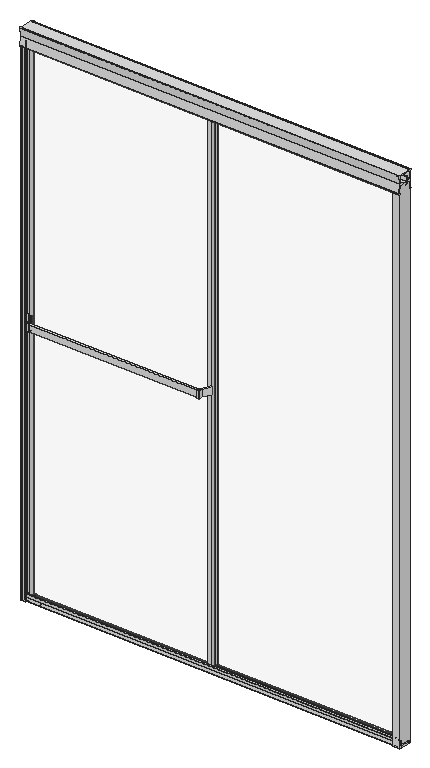
Revit family "Shower-Shower_Door-STERLING-Standard-695B_1", category Specialty Equipment, host Face, Revit 2017
Family settings
  Host = Face
  Round Connector Dimension = Use Diameter
  Part Type = Normal
  OmniClass Number = 23.31.17.17
  OmniClass Title = Shower Enclosures
  Cut with Voids When Loaded = No
  Shared = No
  Room Calculation Point = No
Parameters (values of type "Hammered Glass Texture,S-Silver")
  Width [instance] = 48"
  WaterSense Certified = 1 = 0  # no
  Walk-Through [instance] = Width - 25 7/16"  # 22 9/16"
  URL = "https://www.sterlingplumbing.com/"
  Type = 1
  Product Page URL = "http://www.sterlingplumbing.com/detail?productNumber=695B-48"
  Product Name = "Standard"  # constant formula
  Product Documentation Link = "https://resources.kohler.com/plumbing/sterling/pdf/695B-48_spec_US-CA_Sterling_en.pdf"
  Model = if(Type = 1, "695B-48S-G02", if(Type = 2, "695B-48T-G02", "NA"))  # "695B-48S-G02"
  Material = "Anodized Aluminum "  # constant formula
  Master Format 2014 Name = "Shower Doors"  # constant formula
  Master Format 2014 = "10 28 19.16"  # constant formula
  Manufacturer Address = "444 Highland Dr, Kohler, WI 53044"  # constant formula
  Manufacturer = "STERLING Co."  # constant formula
  Length = 2 29/32"  # constant formula
  Height = 65"  # constant formula
  Glass Material = Sterling-Glass-G02-Hammered_Glass_Texture
  Finish = Sterling-Metal-S-Silver
  Environmental Product Declaration = ""
  Description = "Framed sliding shower door, 65inch H x 42 - 48inch W, with 1/8inch thick Hammered glass"  # constant formula
  Default Elevation = 0"
  Declare Label = ""
  Date Modified = "07/18/2020"  # constant formula
  Date Created = "07/18/2020"  # constant formula
  Copyright = "Copyright STERLING Co."  # constant formula
  Contact Us = "https://www.sterlingplumbing.com/contact-us"
  Assembly Code = "C1030200"
  ADA Compliant = 1 = 0  # no
Types (3): name | Type | Model | Finish
  (no name) | 1 | "695B-48S-G02" | Sterling-Metal-S-Silver
  Hammered Glass Texture,S-Silver | 1 | "695B-48S-G02" | Sterling-Metal-S-Silver
  Hammered Glass Texture,T-Soft Silver | 2 | "695B-48T-G02" | Sterling-Metal-T-Soft_Silver
Reference planes (in)
  plane 1 "Center (Front/Back)": y = 0
  plane 2: z = 0
  plane 3 "Center (Left/Right)": x = 0
  plane 4: x = -24
  plane 5: x = 24
  plane 6: y = 0.90625
  plane 7: y = -0.90625
  plane 8: y = -2
  plane 9: z = 65
  plane 10: z = 62.875
  plane 11: z = 0.9375
  plane 12: y = 0.75
  plane 13: y = -0.75
  plane 14: x = 22.5
  plane 15: x = -0.0625
Dimensions and locks (in)
  "Width": plane 4 to plane 5
  "Height": plane 9 to level
  plane 10 to plane 11 = 61 15/16"
  "Length": plane 6 to plane 8
  plane 8 to plane 12 = 2 3/4"  (x2)
  "Walk-Through": plane 14 to plane 15
  locked: plane 14 to plane 5 at 1.5
  plane 4 to plane 3 "Center (Left/Right)" to plane 5 = 24", 24"
  aligned and locked: plane 2 to host face
  aligned and locked: level to host face
  aligned and locked: plane 5 to nested 1
Automatic sketch dimensions
  host sketch curve to host sketch curve = 96"  (x2)
Nested families (in)
  nested 1: "695B" at (0, 0, 0), Width <- "Width", type "695B"
    with Width 48"
Definition of nested family "695B"
  Parameters (values of type "695B")
    Width [instance] = 42"
    Material = none
    Glass Material = none
  Reference planes (in)
    plane 1 "Center (Front/Back)": y = 0
    plane 2: z = 0
    plane 3 "Center (Left/Right)": x = 0
    plane 4: x = -24
    plane 5: z = 65
    plane 6: y = 0.90625
    plane 7: y = -0.90625
    plane 8: z = 62.875
    plane 9: x = -23.456
    plane 10: x = -0.0625
    plane 11: z = 0.9375
    plane 12: y = -2
    plane 13 "width": y = 0.75
    plane 14 "thick": y = -0.75
    plane 15: y = 0.90625
    plane 16: y = -0.90625
    plane 17: x = 18
  Forms (in)
    Extrusion 1, solid, material <- "Material", detail levels medium+fine
      sketch origin (0, 0, 0) x (0, 1, 0) y (0, 0, 1)
        loop
          arc (-0.85543, 64.96497) -> (-0.86942, 64.97058) -> (-0.87563, 64.98432) r 0.02022
          arc (-0.87563, 64.98432) -> (-0.89315, 65) -> (-0.9084, 64.98211) r 0.01643
          line (-0.9084, 64.98211) -> (-0.81899, 64.00641) -> (-0.90825, 62.93531)
          arc (-0.90825, 62.93531) -> (-0.89374, 62.89298) -> (-0.85276, 62.875) r 0.05568
          line (-0.85276, 62.875) -> (-0.80244, 62.875)
          arc (-0.80244, 62.875) -> (-0.78144, 62.896) -> (-0.80244, 62.917) r 0.021
          line (-0.80244, 62.917) -> (-0.84308, 62.917)
          arc (-0.84308, 62.917) -> (-0.85768, 62.92343) -> (-0.8628, 62.93853) r 0.0198
          line (-0.8628, 62.93853) -> (-0.78297, 63.844) -> (-0.47219, 63.844) -> (-0.38226, 63.8681)
          arc (-0.38226, 63.8681) -> (-0.3509, 63.88905) -> (-0.33877, 63.92477) r 0.05868
          line (-0.33877, 63.92477) -> (-0.33877, 63.98989)
          arc (-0.33877, 63.98989) -> (-0.36377, 64.01489) -> (-0.38877, 63.98989) r 0.025
          line (-0.38877, 63.98989) -> (-0.38877, 63.93926)
          arc (-0.38877, 63.93926) -> (-0.39447, 63.92248) -> (-0.4092, 63.91264) r 0.02756
          line (-0.4092, 63.91264) -> (-0.47877, 63.894) -> (-0.57877, 63.894) -> (-0.66877, 63.91812) -> (-0.66877, 63.95795)
          arc (-0.66877, 63.95795) -> (-0.67456, 63.97192) -> (-0.68852, 63.97771) r 0.01975
          line (-0.68852, 63.97771) -> (-0.74418, 63.97771)
          arc (-0.74418, 63.97771) -> (-0.76099, 63.98422) -> (-0.76901, 64.00037) r 0.02494
          line (-0.76901, 64.00037) -> (-0.85329, 64.91997) -> (0.83123, 64.91997) -> (0.83123, 63.97771) -> (0.78098, 63.97771)
          arc (0.78098, 63.97771) -> (0.76702, 63.97192) -> (0.76123, 63.95795) r 0.01975
          line (0.76123, 63.95795) -> (0.76123, 63.91812) -> (0.67123, 63.894) -> (0.57123, 63.894) -> (0.50165, 63.91264)
          arc (0.50165, 63.91264) -> (0.48692, 63.92248) -> (0.48123, 63.93926) r 0.02756
          line (0.48123, 63.93926) -> (0.48123, 63.98989)
          arc (0.48123, 63.98989) -> (0.45623, 64.01489) -> (0.43123, 63.98989) r 0.025
          line (0.43123, 63.98989) -> (0.43123, 63.92477)
          arc (0.43123, 63.92477) -> (0.44336, 63.88905) -> (0.47472, 63.8681) r 0.05868
          line (0.47472, 63.8681) -> (0.56465, 63.844) -> (0.8102, 63.844)
          arc (0.8102, 63.844) -> (0.82507, 63.83784) -> (0.83123, 63.82297) r 0.02103
          line (0.83123, 63.82297) -> (0.83123, 62.93688)
          arc (0.83123, 62.93688) -> (0.82541, 62.92282) -> (0.81135, 62.917) r 0.01988
          line (0.81135, 62.917) -> (0.75191, 62.917)
          arc (0.75191, 62.917) -> (0.73091, 62.896) -> (0.75191, 62.875) r 0.021
          line (0.75191, 62.875) -> (0.89223, 62.875)
          arc (0.89223, 62.875) -> (0.90584, 62.88719) -> (0.89522, 62.90205) r 0.01369
          arc (0.89522, 62.90205) -> (0.88156, 62.91058) -> (0.87623, 62.92577) r 0.02431
          line (0.87623, 62.92577) -> (0.87623, 64.88601)
          arc (0.87623, 64.88601) -> (0.87528, 64.90495) -> (0.88852, 64.91852) r 0.02371
          arc (0.88852, 64.91852) -> (0.90141, 64.929) -> (0.90625, 64.94488) r 0.02846
          line (0.90625, 64.94488) -> (0.90625, 64.98591)
          arc (0.90625, 64.98591) -> (0.8913, 65.00098) -> (0.87623, 64.98603) r 0.01501
          arc (0.87623, 64.98603) -> (0.87001, 64.97113) -> (0.85509, 64.96497) r 0.02114
          line (0.85509, 64.96497) -> (-0.85543, 64.96497)
      from -23.97 to 18
    Extrusion 2, solid, material <- "Material", detail levels medium+fine
      sketch origin (0, 0, 0) x (1, 0, 0) y (0, 1, 0)
        loop
          line (18, 0.75) -> (17.095, 0.75) -> (17.095, -0.75) -> (18, -0.75) -> (18, 0.75)
        loop
          arc (-23.96, 0.66769) -> (-23.95384, 0.68257) -> (-23.93896, 0.68873) r 0.02104
          line (-23.93896, 0.68873) -> (-23.52032, 0.68873)
          arc (-23.52032, 0.68873) -> (-23.50032, 0.70873) -> (-23.52032, 0.72873) r 0.02
          line (-23.52032, 0.72873) -> (-23.98008, 0.72873)
          arc (-23.98008, 0.72873) -> (-23.99417, 0.72289) -> (-24, 0.70881) r 0.01992
          line (-24, 0.70881) -> (-24, -0.75116)
          arc (-24, -0.75116) -> (-23.99366, -0.76602) -> (-23.97855, -0.77173) r 0.02058
          line (-23.97855, -0.77173) -> (-23.67318, -0.75893)
          arc (-23.67318, -0.75893) -> (-23.65741, -0.7586) -> (-23.64164, -0.75893) r 0.37662
          line (-23.64164, -0.75893) -> (-23.37105, -0.77027)
          arc (-23.37105, -0.77027) -> (-23.34396, -0.74483) -> (-23.36996, -0.71827) r 0.02601
          line (-23.36996, -0.71827) -> (-23.93651, -0.71827)
          arc (-23.93651, -0.71827) -> (-23.95312, -0.71139) -> (-23.96, -0.69478) r 0.02349
          line (-23.96, -0.69478) -> (-23.96, -0.06984)
          arc (-23.96, -0.06984) -> (-23.96744, -0.05478) -> (-23.97, -0.03817) r 0.05516
          line (-23.97, -0.03817) -> (-23.97, -0.0042)
          arc (-23.97, -0.0042) -> (-23.96744, 0.0124) -> (-23.96, 0.02747) r 0.05516
          line (-23.96, 0.02747) -> (-23.96, 0.66769)
      from 0 to 63.844
    Extrusion 3, solid, material <- "Material", detail levels medium+fine
      sketch origin (0, 0, 0) x (0, 1, 0) y (0, 0, 1)
        loop
          line (-0.6609, 0.25697) -> (0.18141, 0.22314) -> (0.20871, 0.20403) -> (0.34195, 0.19867) -> (0.37112, 0.21552) -> (0.60423, 0.20615) -> (0.60423, 0.02245)
          arc (0.60423, 0.02245) -> (0.62673, -0.00005) -> (0.64923, 0.02245) r 0.0225
          line (0.64923, 0.02245) -> (0.64923, 0.2264)
          arc (0.64923, 0.2264) -> (0.64256, 0.24297) -> (0.62626, 0.25031) r 0.02393
          line (0.62626, 0.25031) -> (-0.65748, 0.30187) -> (-0.64418, 0.483) -> (-0.67343, 0.88138)
          arc (-0.67343, 0.88138) -> (-0.63835, 0.92055) -> (-0.60049, 0.88406) r 0.03652
          line (-0.60049, 0.88406) -> (-0.60049, 0.85227)
          arc (-0.60049, 0.85227) -> (-0.57799, 0.82977) -> (-0.55549, 0.85227) r 0.0225
          line (-0.55549, 0.85227) -> (-0.55549, 0.88374)
          arc (-0.55549, 0.88374) -> (-0.63998, 0.9652) -> (-0.71829, 0.87777) r 0.08151
          line (-0.71829, 0.87777) -> (-0.6893, 0.483) -> (-0.72301, 0.02388)
          arc (-0.72301, 0.02388) -> (-0.70228, -0.00015) -> (-0.67825, 0.02059) r 0.02244
          line (-0.67825, 0.02059) -> (-0.6609, 0.25697)
      from -23.456 to 18
    Extrusion 4, solid, material <- "Material", detail levels medium+fine
      sketch origin (0.00093, 0, 0) x (1, 0, 0) y (0, 0, 1)
        loop
          line (-0.06343, 0.56855) -> (-0.06343, 63.53755) -> (-0.63843, 63.53755) -> (-0.63843, 0.56855) -> (-0.06343, 0.56855)
      from 0.09808 to 0.41208
    Extrusion 5, solid, material <- "Material", detail levels medium+fine
      sketch origin (0.5135, 0.60131, 0) x (1, 0, 0) y (0, 0, 1)
        loop
          line (-0.576, 0.56855) -> (-0.576, 63.53755) -> (-1.151, 63.53755) -> (-1.151, 0.56855) -> (-0.576, 0.56855)
      from 0.09808 to 0.41208
    Extrusion 6, solid, material <- "Material", detail levels medium+fine
      sketch origin (0, 0, 0) x (0, 1, 0) y (0, 0, 1)
        loop
          line (-0.28008, 64.45678) -> (-0.28008, 63.63689)
          arc (-0.28008, 63.63689) -> (-0.27538, 63.61327) -> (-0.26201, 63.59325) r 0.06174
          line (-0.26201, 63.59325) -> (-0.20635, 63.53755) -> (-0.13567, 63.53755) -> (-0.23008, 63.63203) -> (-0.23008, 64.45678)
          arc (-0.23008, 64.45678) -> (-0.25508, 64.48178) -> (-0.28008, 64.45678) r 0.025
      from -23.456 to 0
    Extrusion 7, solid, material <- "Material", detail levels medium+fine
      sketch origin (0, 0, 0) x (0, 1, 0) y (0, 0, 1)
        loop
          line (0.32123, 64.457) -> (0.32123, 63.63203) -> (0.22682, 63.53755) -> (0.2975, 63.53755) -> (0.3531, 63.59319)
          arc (0.3531, 63.59319) -> (0.36652, 63.61328) -> (0.37123, 63.63697) r 0.06194
          line (0.37123, 63.63697) -> (0.37123, 64.457)
          arc (0.37123, 64.457) -> (0.34623, 64.482) -> (0.32123, 64.457) r 0.025
      from -23.456 to 18
    Extrusion 8, solid, material <- "Material", detail levels medium+fine
      sketch origin (0, 0, 0) x (1, 0, 0) y (0, 0, 1)
        loop
          line (-23.095, 0.56855) -> (-23.095, 63.53755) -> (-23.456, 63.53755) -> (-23.456, 0.56855) -> (-23.095, 0.56855)
      from 0 to 0.41208
    Extrusion 9, solid, material <- "Glass Material"
      sketch origin (0, 0, 0) x (1, 0, 0) y (0, 0, 1)
        loop
          line (-23.095, 63.53755) -> (-23.095, 0.56855) -> (0.34993, 0.56855) -> (0.34993, 63.53755) -> (-23.095, 63.53755)
      from 0.09808 to 0.41208
    Extrusion 10, solid, material <- "Material", detail levels medium+fine
      sketch origin (0, 0, 0) x (1, 0, 0) y (0, 1, 0)
        loop
          line (-0.42702, -1.59929) -> (-0.02312, -0.55041) -> (-0.17262, -0.55041) -> (-0.50397, -1.57658)
          arc (-0.50397, -1.57658) -> (-0.52556, -1.59817) -> (-0.55506, -1.60608) r 0.059
          line (-0.55506, -1.60608) -> (-0.745, -1.60608)
          arc (-0.745, -1.60608) -> (-0.7839, -1.6254) -> (-0.792, -1.66808) r 0.04881
          line (-0.792, -1.66808) -> (-0.56263, -1.66808)
          arc (-0.56263, -1.66808) -> (-0.54804, -1.67412) -> (-0.542, -1.68871) r 0.02063
          line (-0.542, -1.68871) -> (-0.542, -1.93601)
          arc (-0.542, -1.93601) -> (-0.54788, -1.9502) -> (-0.56206, -1.95608) r 0.02006
          line (-0.56206, -1.95608) -> (-0.79357, -1.95608)
          arc (-0.79357, -1.95608) -> (-0.77774, -1.98739) -> (-0.745, -2) r 0.04881
          line (-0.745, -2) -> (-0.47632, -2)
          arc (-0.47632, -2) -> (-0.44852, -1.98848) -> (-0.437, -1.96068) r 0.03932
          line (-0.437, -1.96068) -> (-0.437, -1.63655)
          arc (-0.437, -1.63655) -> (-0.43446, -1.61727) -> (-0.42702, -1.59929) r 0.07452
        loop
          arc (-22.34298, -1.59929) -> (-22.33554, -1.61727) -> (-22.333, -1.63655) r 0.07452
          line (-22.333, -1.63655) -> (-22.333, -1.96068)
          arc (-22.333, -1.96068) -> (-22.32148, -1.98848) -> (-22.29368, -2) r 0.03932
          line (-22.29368, -2) -> (-22.025, -2)
          arc (-22.025, -2) -> (-21.99226, -1.98739) -> (-21.97643, -1.95608) r 0.04881
          line (-21.97643, -1.95608) -> (-22.20794, -1.95608)
          arc (-22.20794, -1.95608) -> (-22.22212, -1.9502) -> (-22.228, -1.93601) r 0.02006
          line (-22.228, -1.93601) -> (-22.228, -1.68871)
          arc (-22.228, -1.68871) -> (-22.22196, -1.67412) -> (-22.20737, -1.66808) r 0.02063
          line (-22.20737, -1.66808) -> (-21.978, -1.66808)
          arc (-21.978, -1.66808) -> (-21.9861, -1.6254) -> (-22.025, -1.60608) r 0.04881
          line (-22.025, -1.60608) -> (-22.21494, -1.60608)
          arc (-22.21494, -1.60608) -> (-22.24444, -1.59817) -> (-22.26603, -1.57658) r 0.059
          line (-22.26603, -1.57658) -> (-22.9088, -0.46328)
          arc (-22.9088, -0.46328) -> (-22.93141, -0.43981) -> (-22.96237, -0.42964) r 0.06765
          line (-22.96237, -0.42964) -> (-23.33355, -0.40208) -> (-23.67183, -0.42601)
          arc (-23.67183, -0.42601) -> (-23.68806, -0.42027) -> (-23.69493, -0.40448) r 0.02158
          line (-23.69493, -0.40448) -> (-23.69493, -0.05677) -> (-23.734, -0.05677) -> (-23.734, -0.48692)
          arc (-23.734, -0.48692) -> (-23.72757, -0.5017) -> (-23.71238, -0.50707) r 0.0202
          line (-23.71238, -0.50707) -> (-23.33369, -0.48028) -> (-23.0365, -0.50235)
          arc (-23.0365, -0.50235) -> (-22.98193, -0.52028) -> (-22.94207, -0.56164) r 0.11923
          line (-22.94207, -0.56164) -> (-22.34298, -1.59929)
      from 31.62055 to 32.48366
    Extrusion 11, solid, material <- "Material", detail levels medium+fine
      sketch origin (0, 0, 0) x (1, 0, 0) y (0, 1, 0)
        loop
          line (-0.542, -1.66808) -> (-22.228, -1.66808) -> (-22.228, -1.95608) -> (-0.542, -1.95608) -> (-0.542, -1.66808)
      from 31.62055 to 32.48366
    Extrusion 12, solid, material <- "Glass Material"
      sketch origin (0, 0, 0) x (1, 0, 0) y (0, 0, 1)
        loop
          line (-0.0625, 0.483) -> (18, 0.483) -> (18, 63.53755) -> (-0.0625, 63.53755) -> (-0.0625, 0.483)
      from -0.50323 to -0.18923
    Extrusion 13, solid, material <- "Material", detail levels coarse
      sketch origin (0, 0, 0) x (1, 0, 0) y (0, 1, 0)
        loop
          line (-0.437, -2) -> (-0.437, -1.61659) -> (-0.02689, -0.90625) -> (-0.11695, -0.90625) -> (-0.521, -1.60608) -> (-11.385, -1.60608) -> (-22.874, -1.60608) -> (-23.3863, -0.71875) -> (-23.47637, -0.71875) -> (-22.958, -1.61659) -> (-22.958, -2) -> (-0.437, -2)
      from 31.62055 to 32.48366
    Extrusion 14, solid, material <- "Material", detail levels coarse
      sketch origin (0, 0, 0) x (1, 0, 0) y (0, 0, 1)
        loop
          line (-24, 65) -> (-24, 0) -> (18, 0) -> (18, 65) -> (-24, 65)
        loop
          line (-0.0625, 62.875) -> (-0.0625, 0.9375) -> (16.5, 0.9375) -> (16.5, 62.875) -> (-0.0625, 62.875)
        loop
          line (-0.9875, 0.9375) -> (-0.9875, 62.875) -> (-23.095, 62.875) -> (-23.095, 0.9375) -> (-0.9875, 0.9375)
      from -0.87623 to 0.90625
  Cuts and joins
    joined: Extrusion 9, Extrusion 12
    joined: Extrusion 1, Extrusion 8
    joined: Extrusion 2, Extrusion 6
  Lines and regions (in)
    Masking region 1
      outline origin (0, 0, 0) x (1, 0, 0) y (0, 0, 1)
        loop
          line (-24, 65) -> (-24, 0) -> (18, 0) -> (18, 65) -> (-24, 65)
    Masking region 2
      outline origin (0, 0, 0) x (0, 1, 0) y (0, 0, 1)
        loop
          arc (0.87623, 64.88601) -> (0.87528, 64.90495) -> (0.88852, 64.91852) r 0.02371
          arc (0.88852, 64.91852) -> (0.90141, 64.929) -> (0.90625, 64.94488) r 0.02846
          line (0.90625, 64.94488) -> (0.90625, 64.98591)
          arc (0.90625, 64.98591) -> (0.8913, 65.00098) -> (0.87623, 64.98603) r 0.01501
          arc (0.87623, 64.98603) -> (0.87001, 64.97113) -> (0.85509, 64.96497) r 0.02114
          line (0.85509, 64.96497) -> (-0.85543, 64.96497)
          arc (-0.85543, 64.96497) -> (-0.86942, 64.97058) -> (-0.87563, 64.98432) r 0.02022
          arc (-0.87563, 64.98432) -> (-0.89315, 65) -> (-0.9084, 64.98211) r 0.01643
          line (-0.9084, 64.98211) -> (-0.81899, 64.00641) -> (-0.90825, 62.93531)
          arc (-0.90825, 62.93531) -> (-0.89374, 62.89298) -> (-0.85276, 62.875) r 0.05568
          line (-0.85276, 62.875) -> (-0.80244, 62.875)
          arc (-0.80244, 62.875) -> (-0.78144, 62.896) -> (-0.80244, 62.917) r 0.021
          line (-0.80244, 62.917) -> (-0.84308, 62.917)
          arc (-0.84308, 62.917) -> (-0.85768, 62.92343) -> (-0.8628, 62.93853) r 0.0198
          line (-0.8628, 62.93853) -> (-0.78297, 63.844) -> (-0.75, 63.844) -> (-0.75, 32.48366) -> (-2, 32.48366) -> (-2, 31.62055) -> (-0.75, 31.62055) -> (-0.75, 0) -> (0.75, 0) -> (0.75, 62.875) -> (0.89223, 62.875)
          arc (0.89223, 62.875) -> (0.90584, 62.88719) -> (0.89522, 62.90205) r 0.01369
          arc (0.89522, 62.90205) -> (0.88156, 62.91058) -> (0.87623, 62.92577) r 0.02431
          line (0.87623, 62.92577) -> (0.87623, 64.88601)
        loop
          line (0.75, 62.917) -> (0.81135, 62.917)
          arc (0.81135, 62.917) -> (0.82541, 62.92282) -> (0.83123, 62.93688) r 0.01988
          line (0.83123, 62.93688) -> (0.83123, 63.82297)
          arc (0.83123, 63.82297) -> (0.82507, 63.83784) -> (0.8102, 63.844) r 0.02103
          line (0.8102, 63.844) -> (0.75, 63.844) -> (0.75, 62.917)
        loop
          line (0.76123, 63.91812) -> (0.76123, 63.95795)
          arc (0.76123, 63.95795) -> (0.76702, 63.97192) -> (0.78098, 63.97771) r 0.01975
          line (0.78098, 63.97771) -> (0.83123, 63.97771) -> (0.83123, 64.91997) -> (0.22697, 64.91997) -> (-0.85329, 64.91997) -> (-0.76901, 64.00037)
          arc (-0.76901, 64.00037) -> (-0.76099, 63.98422) -> (-0.74418, 63.97771) r 0.02494
          line (-0.74418, 63.97771) -> (-0.68852, 63.97771)
          arc (-0.68852, 63.97771) -> (-0.67456, 63.97192) -> (-0.66877, 63.95795) r 0.01975
          line (-0.66877, 63.95795) -> (-0.66877, 63.91812) -> (-0.57877, 63.894) -> (-0.47877, 63.894) -> (-0.4092, 63.91264)
          arc (-0.4092, 63.91264) -> (-0.39447, 63.92248) -> (-0.38877, 63.93926) r 0.02756
          line (-0.38877, 63.93926) -> (-0.38877, 63.98989)
          arc (-0.38877, 63.98989) -> (-0.36377, 64.01489) -> (-0.33877, 63.98989) r 0.025
          line (-0.33877, 63.98989) -> (-0.33877, 63.92477)
          arc (-0.33877, 63.92477) -> (-0.3509, 63.88905) -> (-0.38226, 63.8681) r 0.05868
          line (-0.38226, 63.8681) -> (-0.47219, 63.844) -> (-0.28008, 63.844) -> (-0.28008, 64.45678)
          arc (-0.28008, 64.45678) -> (-0.25508, 64.48178) -> (-0.23008, 64.45678) r 0.025
          line (-0.23008, 64.45678) -> (-0.23008, 63.844) -> (0.32123, 63.844) -> (0.32123, 64.457)
          arc (0.32123, 64.457) -> (0.34623, 64.482) -> (0.37123, 64.457) r 0.025
          line (0.37123, 64.457) -> (0.37123, 63.844) -> (0.56465, 63.844) -> (0.47472, 63.8681)
          arc (0.47472, 63.8681) -> (0.44336, 63.88905) -> (0.43123, 63.92477) r 0.05868
          line (0.43123, 63.92477) -> (0.43123, 63.98989)
          arc (0.43123, 63.98989) -> (0.45623, 64.01489) -> (0.48123, 63.98989) r 0.025
          line (0.48123, 63.98989) -> (0.48123, 63.93926)
          arc (0.48123, 63.93926) -> (0.48692, 63.92248) -> (0.50165, 63.91264) r 0.02756
          line (0.50165, 63.91264) -> (0.57123, 63.894) -> (0.67123, 63.894) -> (0.76123, 63.91812)
    Masking region 3
      outline origin (0, 0, 0) x (1, 0, 0) y (0, 1, 0)
        loop
          line (-24, 0.90625) -> (-24, -0.90625) -> (-22.74311, -0.90625) -> (-22.34298, -1.59929)
          arc (-22.34298, -1.59929) -> (-22.33554, -1.61727) -> (-22.333, -1.63655) r 0.07452
          line (-22.333, -1.63655) -> (-22.333, -1.96068)
          arc (-22.333, -1.96068) -> (-22.32148, -1.98848) -> (-22.29368, -2) r 0.03932
          line (-22.29368, -2) -> (-22.025, -2)
          arc (-22.025, -2) -> (-21.99226, -1.98739) -> (-21.97643, -1.95608) r 0.04881
          line (-21.97643, -1.95608) -> (-0.79357, -1.95608)
          arc (-0.79357, -1.95608) -> (-0.77774, -1.98739) -> (-0.745, -2) r 0.04881
          line (-0.745, -2) -> (-0.47632, -2)
          arc (-0.47632, -2) -> (-0.44852, -1.98848) -> (-0.437, -1.96068) r 0.03932
          line (-0.437, -1.96068) -> (-0.437, -1.63655)
          arc (-0.437, -1.63655) -> (-0.43446, -1.61727) -> (-0.42702, -1.59929) r 0.07452
          line (-0.42702, -1.59929) -> (-0.02689, -0.90625) -> (18, -0.90625) -> (18, 0.90625) -> (-24, 0.90625)
        loop
          arc (-22.26603, -1.57658) -> (-22.24444, -1.59817) -> (-22.21494, -1.60608) r 0.059
          line (-22.21494, -1.60608) -> (-22.025, -1.60608)
          arc (-22.025, -1.60608) -> (-21.9861, -1.6254) -> (-21.978, -1.66808) r 0.04881
          line (-21.978, -1.66808) -> (-0.792, -1.66808)
          arc (-0.792, -1.66808) -> (-0.7839, -1.6254) -> (-0.745, -1.60608) r 0.04881
          line (-0.745, -1.60608) -> (-0.55506, -1.60608)
          arc (-0.55506, -1.60608) -> (-0.52556, -1.59817) -> (-0.50397, -1.57658) r 0.059
          line (-0.50397, -1.57658) -> (-0.11695, -0.90625) -> (-22.65305, -0.90625) -> (-22.26603, -1.57658)
    symbolic lines, detail levels medium+fine
      curve 1: line (-0.536, 0, 32.48366) -> (-23.095, 0, 32.48366)
      curve 2: line (-23.095, 0, 31.62055) -> (-0.536, 0, 31.62055)
      curve 3: line (-23.095, 0, 0.9375) -> (-23.095, 0, 31.62055)
      curve 4: line (-23.095, 0, 32.48366) -> (-23.095, 0, 62.875)
      curve 5: line (-22.5, 0, 0.9375) -> (-22.5, 0, 31.62055)
      curve 6: line (-22.5, 0, 32.48366) -> (-22.5, 0, 62.875)
      curve 7: line (-0.9875, 0, 0.9375) -> (-0.9875, 0, 31.62055)
      curve 8: line (-0.47493, 0, 62.875) -> (-0.47493, 0, 0.9375)
      curve 9: line (-24, 0, 0.9375) -> (18, 0, 0.9375)
      curve 10: line (-0.536, 0, 31.62055) -> (-0.536, 0, 32.48366)
      curve 11: line (-0.9875, 0, 32.48366) -> (-0.9875, 0, 62.875)
      curve 12: line (-0.0625, 0, 0.9375) -> (-0.0625, 0, 62.875)
      curve 13: line (-23.095, 0, 32.48366) -> (-23.095, 0, 31.62055)
      curve 14: line (-22.09445, 0, 32.48366) -> (-22.09445, 0, 31.62055)
      curve 15: line (-21.98945, 0, 32.48366) -> (-21.98945, 0, 31.62055)
      curve 16: line (-23.97, 0, 62.875) -> (18, 0, 62.875)
      curve 17: line (18, 0, 64.00641) -> (-24, 0, 64.00641)
      curve 18: line (-23.456, 0, 62.875) -> (-23.456, 0, 0)
      curve 19: line (-23.67318, 0, 0) -> (-23.67318, 0, 62.875)
      curve 20: line (-22.5, 0, 1.1875) -> (-0.0625, 0, 1.1875)
      curve 21: line (-0.0625, 0, 1.4375) -> (-22.5, 0, 1.4375)
      curve 22: line (-22.5, 0, 62.625) -> (-0.0625, 0, 62.625)
      curve 23: line (16.5, 0, 1.1875) -> (-0.47493, 0, 1.1875)
      curve 24: line (-0.47493, 0, 1.4375) -> (16.5, 0, 1.4375)
      curve 25: line (16.5, 0, 62.625) -> (-0.47493, 0, 62.625)
      curve 26: line (17.456, 0, 62.875) -> (17.456, 0, 0)
      curve 27: line (17.67318, 0, 0) -> (17.67318, 0, 62.875)
      curve 28: line (0, -0.75, 32.48366) -> (0, -0.75, 31.62055)
      curve 29: line (0, -0.75, 64.91997) -> (0, 0.75, 64.91997)
      curve 30: line (0, 0.75, 62.917) -> (0, 0.75, 62.875)
      curve 31: line (0, -1.57658, 32.48366) -> (0, -1.57658, 31.62055)
      curve 32: line (0, -0.90625, 32.48366) -> (0, -0.90625, 31.62055)
      curve 33: arc (-0.56263, -1.66808, 0) -> (-0.54804, -1.67412, 0) -> (-0.542, -1.68871, 0) r 0.02063
      curve 34: line (-0.542, -1.7464, 0) -> (-0.542, -1.68871, 0)
      curve 35: line (-0.56263, -1.66808, 0) -> (-0.792, -1.66808, 0)
      curve 36: arc (-0.56263, -1.95608, 0) -> (-0.54804, -1.95003, 0) -> (-0.542, -1.93545, 0) r 0.02063
      curve 37: line (-0.542, -1.7464, 0) -> (-0.542, -1.93545, 0)
      curve 38: line (-0.56263, -1.95608, 0) -> (-0.792, -1.95608, 0)
      curve 39: arc (-22.20737, -1.66808, 0) -> (-22.22196, -1.67412, 0) -> (-22.228, -1.68871, 0) r 0.02063
      curve 40: line (-22.228, -1.7464, 0) -> (-22.228, -1.68871, 0)
      curve 41: line (-22.20737, -1.66808, 0) -> (-21.978, -1.66808, 0)
      curve 42: arc (-22.20737, -1.95608, 0) -> (-22.22196, -1.95003, 0) -> (-22.228, -1.93545, 0) r 0.02063
      curve 43: line (-22.228, -1.7464, 0) -> (-22.228, -1.93545, 0)
      curve 44: line (-22.20737, -1.95608, 0) -> (-21.978, -1.95608, 0)
      curve 45: line (-0.02689, -0.90625, 0) -> (-0.11695, -0.90625, 0)
      curve 46: line (-22.65305, -0.90625, 0) -> (-22.74311, -0.90625, 0)
      curve 47: line (18, 0.75, 0) -> (-24, 0.75, 0)
      curve 48: line (18, -0.75, 0) -> (-24, -0.75, 0)
      curve 49: line (17.095, 0, 0.9375) -> (17.095, 0, 62.875)
      curve 50: line (16.5, 0, 0.9375) -> (16.5, 0, 62.875)
      curve 51: line (-22.228, -1.7464, 0) -> (-0.542, -1.7464, 0)
      curve 52: line (-0.542, -1.87776, 0) -> (-22.228, -1.87776, 0)
      curve 53: line (0, 0.56465, 63.844) -> (0, 0.75, 63.844)
      curve 54: line (0, 0.37123, 63.844) -> (0, 0.32123, 63.844)
      curve 55: line (0, -0.47219, 63.844) -> (0, -0.75, 63.844)
      curve 56: line (0, -0.28008, 63.844) -> (0, -0.23008, 63.844)
      curve 57: line (-1.53655, 0, 32.48366) -> (-1.53655, 0, 31.62055)
      curve 58: line (-1.64155, 0, 32.48366) -> (-1.64155, 0, 31.62055)
  Dimensions and locks (in)
    plane 5 to level = 65"
    plane 6 to plane 1 "Center (Front/Back)" = 29/32"
    plane 5 to plane 8 = 2 1/8"
    Extrusion 1 to plane 5 = 0.03503"
    plane 8 to plane 11 = 61 15/16"
    plane 6 to plane 12 = 2 29/32"
    plane 1 "Center (Front/Back)" to plane 13 "width" = 3/4"
    plane 1 "Center (Front/Back)" to plane 15 = 29/32"
    plane 12 to plane 13 "width" = 2 3/4"
    "Width": plane 17 to plane 4
    locked: Extrusion 4 sketch curve to Extrusion 4 sketch curve at 0.575
    plane 17 to curve 27 to curve 26 to curve 49 to curve 50 = 0.32682" locked, 0.21718" locked, 0.361" locked, 0.595" locked
    aligned and locked: plane 2 to level
    aligned and locked: Extrusion 7 to Extrusion 6
    aligned and locked: plane 9 to Extrusion 8
    aligned and locked: Extrusion 12 sketch curve to plane 17
    aligned and locked: plane 17 to cut or joined group of Extrusion 1, Extrusion 8
    aligned and locked: plane 17 to Extrusion 7
    aligned and locked: plane 17 to Extrusion 3
    aligned and locked: plane 10 to Extrusion 4 sketch curve
  Automatic sketch dimensions
    Extrusion 1 sketch curve to plane 8 = 0"  (x2)
    Extrusion 1 sketch curve to plane 6 = 0"
    plane 6 to Extrusion 1 sketch curve = 0.00571"
    plane 6 to Extrusion 1 sketch curve = 0.00879"
    plane 6 to Extrusion 1 sketch curve = 0.01402"
    plane 6 to Extrusion 1 sketch curve = 0.01501"
    Extrusion 1 sketch curve to Extrusion 1 sketch curve = 0.02846"
    Extrusion 1 sketch curve to Extrusion 1 sketch curve = 0.02123"
    Extrusion 1 sketch curve to Extrusion 1 sketch curve = 0.0227"
    plane 6 to Extrusion 1 sketch curve = 0.07502"  (x2)
    Extrusion 1 sketch curve to Extrusion 1 sketch curve = 0.01988"
    Extrusion 1 sketch curve to Extrusion 1 sketch curve = 0.02103"
    Extrusion 1 sketch curve to plane 13 "width" = 0.03098"
    Extrusion 1 sketch curve to plane 13 "width" = 0.01123"
    Extrusion 1 sketch curve to plane 13 "width" = 0.00191"
    plane 13 "width" to Extrusion 1 sketch curve = 0.07877"
    Extrusion 1 sketch curve to Extrusion 1 sketch curve = 0.1"  (x2)
    Extrusion 1 sketch curve to Extrusion 1 sketch curve = 0.00658"  (x2)
    Extrusion 1 sketch curve to Extrusion 1 sketch curve = 0.06244"
    Extrusion 1 sketch curve to Extrusion 1 sketch curve = 0.00713"
    Extrusion 1 sketch curve to Extrusion 1 sketch curve = 0.01175"  (x2)
    Extrusion 1 sketch curve to Extrusion 1 sketch curve = 0.02756"
    Extrusion 1 sketch curve to Extrusion 1 sketch curve = 0.02693"
    Extrusion 1 sketch curve to Extrusion 1 sketch curve = 0.025"  (x2)
    plane 1 "Center (Front/Back)" to Extrusion 1 sketch curve = 0.33877"
    Extrusion 1 sketch curve to Extrusion 1 sketch curve = 0.04349"
    Extrusion 1 sketch curve to Extrusion 1 sketch curve = 0.00868"
    Extrusion 1 sketch curve to Extrusion 1 sketch curve = 0.01888"
    Extrusion 1 sketch curve to Extrusion 1 sketch curve = 0.08993"
    plane 14 "thick" to Extrusion 1 sketch curve = 0.08123"
    Extrusion 1 sketch curve to Extrusion 1 sketch curve = 0.01975"
    plane 14 "thick" to Extrusion 1 sketch curve = 0.00582"
    Extrusion 1 sketch curve to plane 14 "thick" = 0.01901"
    Extrusion 1 sketch curve to plane 14 "thick" = 0.03297"
    Extrusion 1 sketch curve to plane 14 "thick" = 0.05244"
    Extrusion 1 sketch curve to Extrusion 1 sketch curve = 0.04997"
    Extrusion 1 sketch curve to Extrusion 1 sketch curve = 0.04064"
    Extrusion 1 sketch curve to Extrusion 1 sketch curve = 0.00968"
    plane 7 to Extrusion 1 sketch curve = 0.05296"
    Extrusion 1 sketch curve to Extrusion 1 sketch curve = 0.00214"
    Extrusion 1 sketch curve to Extrusion 1 sketch curve = 0.01004"
    plane 7 to Extrusion 1 sketch curve = 0.01421"
    Extrusion 1 sketch curve to plane 7 = 0.002"
    Extrusion 1 sketch curve to plane 7 = 0.00215"
    plane 8 to Extrusion 1 sketch curve = 0.01369"
    Extrusion 1 sketch curve to Extrusion 1 sketch curve = 0.021"
    plane 8 to Extrusion 1 sketch curve = 0.021"
    Extrusion 1 sketch curve to Extrusion 1 sketch curve = 0.03708"
    Extrusion 1 sketch curve to Extrusion 1 sketch curve = 0.01368"
    Extrusion 1 sketch curve to Extrusion 1 sketch curve = 0.00611"
    Extrusion 1 sketch curve to Extrusion 1 sketch curve = 0.88609"
    plane 8 to Extrusion 1 sketch curve = 0.969"
    Extrusion 1 sketch curve to Extrusion 1 sketch curve = 0.0241"  (x2)
    Extrusion 1 sketch curve to Extrusion 1 sketch curve = 0.05"  (x2)
    Extrusion 1 sketch curve to Extrusion 1 sketch curve = 0.01213"  (x2)
    Extrusion 1 sketch curve to Extrusion 1 sketch curve = 0.02412"
    Extrusion 1 sketch curve to Extrusion 1 sketch curve = 0.07412"
    Extrusion 1 sketch curve to Extrusion 1 sketch curve = 0.03984"  (x2)
    Extrusion 1 sketch curve to Extrusion 1 sketch curve = 0.05063"  (x2)
    Extrusion 1 sketch curve to Extrusion 1 sketch curve = 0.02266"
    Extrusion 1 sketch curve to Extrusion 1 sketch curve = 0.00604"
    Extrusion 1 sketch curve to plane 5 = 0.11399"
    Extrusion 1 sketch curve to Extrusion 1 sketch curve = 0.01056"
    Extrusion 1 sketch curve to Extrusion 1 sketch curve = 0.03396"
    Extrusion 1 sketch curve to Extrusion 1 sketch curve = 0.04832"
    Extrusion 1 sketch curve to plane 5 = 0.03503"
    Extrusion 1 sketch curve to plane 5 = 0.01789"
    Extrusion 1 sketch curve to plane 5 = 0.01639"
    Extrusion 1 sketch curve to plane 5 = 0.01481"
    Extrusion 1 sketch curve to plane 5 = 0.01409"
    Extrusion 1 sketch curve to plane 5 = 0.01403"
    Extrusion 1 sketch curve to plane 5 = 0.01389"
    plane 14 "thick" to Extrusion 3 sketch curve = 0.02699"
    plane 14 "thick" to Extrusion 3 sketch curve = 0.03171"
    Extrusion 3 sketch curve to Extrusion 3 sketch curve = 0.02238"  (x2)
    plane 14 "thick" to Extrusion 3 sketch curve = 0.0607"
    level to Extrusion 3 sketch curve = 0.02059"
    Extrusion 3 sketch curve to Extrusion 3 sketch curve = 0.04486"
    plane 14 "thick" to Extrusion 3 sketch curve = 0.0891"
    Extrusion 3 sketch curve to Extrusion 3 sketch curve = 0.00342"
    Extrusion 3 sketch curve to Extrusion 3 sketch curve = 0.04512"
    Extrusion 3 sketch curve to Extrusion 3 sketch curve = 0.03642"
    Extrusion 3 sketch curve to Extrusion 3 sketch curve = 0"  (x2)
    Extrusion 3 sketch curve to Extrusion 3 sketch curve = 0.03651"
    Extrusion 3 sketch curve to Extrusion 3 sketch curve = 0.0225"  (x2)
    Extrusion 3 sketch curve to plane 1 "Center (Front/Back)" = 0.18141"
    Extrusion 3 sketch curve to Extrusion 3 sketch curve = 0.02729"
    Extrusion 3 sketch curve to Extrusion 3 sketch curve = 0.13325"
    Extrusion 3 sketch curve to Extrusion 3 sketch curve = 0.02917"
    plane 13 "width" to Extrusion 3 sketch curve = 0.14577"
    Extrusion 3 sketch curve to Extrusion 3 sketch curve = 0.02107"
    Extrusion 3 sketch curve to Extrusion 3 sketch curve = 0.00096"
    level to Extrusion 3 sketch curve = 0.02223"
    level to Extrusion 3 sketch curve = 0.02245"
    level to Extrusion 3 sketch curve = 0.19867"
    Extrusion 3 sketch curve to Extrusion 3 sketch curve = 0.00535"
    Extrusion 3 sketch curve to Extrusion 3 sketch curve = 0.1837"
    Extrusion 3 sketch curve to Extrusion 3 sketch curve = 0.01684"
    Extrusion 3 sketch curve to Extrusion 3 sketch curve = 0.01911"
    Extrusion 3 sketch curve to Extrusion 3 sketch curve = 0.02024"
    Extrusion 3 sketch curve to Extrusion 3 sketch curve = 0.23638"
    Extrusion 3 sketch curve to Extrusion 3 sketch curve = 0.0449"
    Extrusion 3 sketch curve to Extrusion 3 sketch curve = 0.18113"
    plane 11 to Extrusion 3 sketch curve = 0.08523"
    plane 11 to Extrusion 3 sketch curve = 0.05973"
    Extrusion 3 sketch curve to Extrusion 3 sketch curve = 0.00236"
    plane 11 to Extrusion 4 sketch curve = 0.36895"
    plane 8 to Extrusion 4 sketch curve = 0.66255"
    Extrusion 5 sketch curve to plane 10 = 0"
    Extrusion 5 sketch curve to Extrusion 5 sketch curve = 0.575"
    plane 11 to Extrusion 5 sketch curve = 0.36895"
    plane 8 to Extrusion 5 sketch curve = 0.66255"
    plane 1 "Center (Front/Back)" to Extrusion 6 sketch curve = 0.28008"
    Extrusion 6 sketch curve to Extrusion 6 sketch curve = 0.01807"
    Extrusion 6 sketch curve to Extrusion 6 sketch curve = 0.025"
    Extrusion 6 sketch curve to Extrusion 6 sketch curve = 3/256"
    Extrusion 6 sketch curve to Extrusion 6 sketch curve = 0.05566"
    Extrusion 6 sketch curve to Extrusion 6 sketch curve = 0.07068"
    plane 8 to Extrusion 6 sketch curve = 0.66255"
    Extrusion 6 sketch curve to Extrusion 6 sketch curve = 0.0557"
    Extrusion 6 sketch curve to Extrusion 6 sketch curve = 0.00486"
    Extrusion 6 sketch curve to plane 5 = 0.54322"
    Extrusion 7 sketch curve to plane 1 "Center (Front/Back)" = 0.22682"
    Extrusion 7 sketch curve to Extrusion 7 sketch curve = 0.07068"
    Extrusion 7 sketch curve to Extrusion 7 sketch curve = 0.01178"
    Extrusion 7 sketch curve to Extrusion 7 sketch curve = 0.01194"
    Extrusion 7 sketch curve to Extrusion 7 sketch curve = 0.025"
    Extrusion 7 sketch curve to Extrusion 7 sketch curve = 0.01813"
    plane 8 to Extrusion 7 sketch curve = 0.66255"
    Extrusion 7 sketch curve to Extrusion 7 sketch curve = 0.05564"
    Extrusion 7 sketch curve to Extrusion 7 sketch curve = 0.00495"
    Extrusion 7 sketch curve to plane 5 = 0.543"
    Extrusion 12 sketch curve to plane 10 = 0"
    plane 11 to Extrusion 12 sketch curve = 0.4545"
    plane 8 to Extrusion 12 sketch curve = 0.66255"
    Masking region 2 sketch curve to plane 12 = 0"
    Masking region 2 sketch curve to plane 8 = 0"  (x2)
    Masking region 2 sketch curve to plane 14 "thick" = 0"  (x2)
    Masking region 2 sketch curve to plane 13 "width" = 0"  (x2)
    Masking region 2 sketch curve to plane 6 = 0"
    Masking region 2 sketch curve to level = 0"
    Masking region 2 sketch curve to plane 7 = 0.00215"
    Masking region 2 sketch curve to plane 7 = 0.002"
    plane 7 to Masking region 2 sketch curve = 0.01421"
    plane 7 to Masking region 2 sketch curve = 0.04345"
    Masking region 2 sketch curve to Masking region 2 sketch curve = 0.03661"
    Masking region 2 sketch curve to Masking region 2 sketch curve = 0.00214"
    plane 7 to Masking region 2 sketch curve = 0.05349"
    Masking region 2 sketch curve to Masking region 2 sketch curve = 0.00968"
    Masking region 2 sketch curve to plane 14 "thick" = 0.06899"
    Masking region 2 sketch curve to Masking region 2 sketch curve = 0.04064"
    Masking region 2 sketch curve to plane 14 "thick" = 0.03297"
    Masking region 2 sketch curve to plane 14 "thick" = 0.01901"
    plane 14 "thick" to Masking region 2 sketch curve = 0.06148"
    Masking region 2 sketch curve to Masking region 2 sketch curve = 0.01975"  (x2)
    Masking region 2 sketch curve to Masking region 2 sketch curve = 0.09"
    Masking region 2 sketch curve to Masking region 2 sketch curve = 0.1"
    Masking region 2 sketch curve to Masking region 2 sketch curve = 0.06244"
    Masking region 2 sketch curve to Masking region 2 sketch curve = 0.00713"
    Masking region 2 sketch curve to Masking region 2 sketch curve = 0.01175"  (x2)
    Masking region 2 sketch curve to Masking region 2 sketch curve = 0.02756"
    Masking region 2 sketch curve to Masking region 2 sketch curve = 0.02693"
    Masking region 2 sketch curve to Masking region 2 sketch curve = 0.025"  (x4)
    plane 1 "Center (Front/Back)" to Masking region 2 sketch curve = 0.28008"
    Masking region 2 sketch curve to plane 1 "Center (Front/Back)" = 0.32123"
    Masking region 2 sketch curve to Masking region 2 sketch curve = 0.06"
    Masking region 2 sketch curve to Masking region 2 sketch curve = 0.04349"
    Masking region 2 sketch curve to Masking region 2 sketch curve = 0.00868"
    Masking region 2 sketch curve to Masking region 2 sketch curve = 0.01888"
    Masking region 2 sketch curve to Masking region 2 sketch curve = 0.08993"
    Masking region 2 sketch curve to Masking region 2 sketch curve = 0.00658"  (x2)
    Masking region 2 sketch curve to plane 13 "width" = 0.01123"
    Masking region 2 sketch curve to plane 13 "width" = 0.0602"
    Masking region 2 sketch curve to plane 13 "width" = 0.06135"
    Masking region 2 sketch curve to Masking region 2 sketch curve = 0.05025"
    Masking region 2 sketch curve to Masking region 2 sketch curve = 0.02103"
    Masking region 2 sketch curve to plane 5 = 0.01389"
    plane 6 to Masking region 2 sketch curve = 0.05116"
    plane 6 to Masking region 2 sketch curve = 0.03002"
    Masking region 2 sketch curve to Masking region 2 sketch curve = 0.02846"
    plane 6 to Masking region 2 sketch curve = 0.01501"
    plane 6 to Masking region 2 sketch curve = 0.01402"
    plane 6 to Masking region 2 sketch curve = 0.00879"
    plane 6 to Masking region 2 sketch curve = 0.00571"
    Masking region 2 sketch curve to plane 11 = 30.68305"
    Masking region 2 sketch curve to Masking region 2 sketch curve = 0.86311"
    Masking region 2 sketch curve to Masking region 2 sketch curve = 0.01369"
    plane 8 to Masking region 2 sketch curve = 0.021"
    Masking region 2 sketch curve to Masking region 2 sketch curve = 0.042"
    Masking region 2 sketch curve to Masking region 2 sketch curve = 0.03708"
    Masking region 2 sketch curve to Masking region 2 sketch curve = 0.01368"
    Masking region 2 sketch curve to Masking region 2 sketch curve = 0.00611"
    Masking region 2 sketch curve to Masking region 2 sketch curve = 0.88609"
    Masking region 2 sketch curve to Masking region 2 sketch curve = 0"  (x3)
    Masking region 2 sketch curve to Masking region 2 sketch curve = 0.0241"  (x2)
    Masking region 2 sketch curve to Masking region 2 sketch curve = 0.05"  (x3)
    Masking region 2 sketch curve to Masking region 2 sketch curve = 0.01213"  (x2)
    Masking region 2 sketch curve to Masking region 2 sketch curve = 0.02412"
    Masking region 2 sketch curve to Masking region 2 sketch curve = 0.03984"  (x2)
    Masking region 2 sketch curve to Masking region 2 sketch curve = 0.06512"
    Masking region 2 sketch curve to Masking region 2 sketch curve = 0.05063"
    Masking region 2 sketch curve to Masking region 2 sketch curve = 0.00604"
    Masking region 2 sketch curve to Masking region 2 sketch curve = 0.46688"
    Masking region 2 sketch curve to Masking region 2 sketch curve = 0.4671"
    Masking region 2 sketch curve to Masking region 2 sketch curve = 0.1001"
    Masking region 2 sketch curve to Masking region 2 sketch curve = 0.01056"
    Masking region 2 sketch curve to Masking region 2 sketch curve = 0.04123"
    Masking region 2 sketch curve to Masking region 2 sketch curve = 0.02114"
    Masking region 2 sketch curve to plane 5 = 0.01789"
    Masking region 2 sketch curve to plane 5 = 0.01639"
    Masking region 2 sketch curve to plane 5 = 0.01481"
    Masking region 2 sketch curve to plane 5 = 0.01409"
    Masking region 2 sketch curve to plane 5 = 0.01403"
    plane 14 "thick" to Masking region 2 sketch curve = 0.00582"
    plane 13 "width" to Masking region 2 sketch curve = 0.07877"
    Masking region 2 sketch curve to Masking region 2 sketch curve = 0.02266"
    Masking region 2 sketch curve to Masking region 2 sketch curve = 0.045"
    plane 13 "width" to Masking region 2 sketch curve = 0.52303"
    Masking region 2 sketch curve to Masking region 2 sketch curve = 0.07412"
    curve 32 to plane 7 = 0"
    curve 55 to plane 14 "thick" = 0"
    curve 29 to plane 14 "thick" = 0"
    curve 28 to plane 14 "thick" = 0"
    curve 29 to plane 13 "width" = 0"
    curve 30 to plane 13 "width" = 0"
    curve 53 to plane 13 "width" = 0"
    curve 30 to plane 8 = 0"
    curve 31 to plane 12 = 0.42342"
    plane 14 "thick" to curve 55 = 0.27781"
    curve 55 to curve 56 = 0.19211"
    curve 56 to curve 56 = 0.05"
    curve 54 to plane 1 "Center (Front/Back)" = 0.32123"
    curve 54 to curve 54 = 0.05"
    curve 53 to curve 53 = 0.18535"
    curve 31 to plane 8 = 30.39134"
    curve 31 to curve 28 = 0"
    curve 32 to curve 28 = 0"  (x2)
    curve 31 to curve 31 = 0.86311"
    curve 31 to curve 32 = 0"
    curve 30 to curve 30 = 0.042"
    curve 55 to curve 56 = 0"
    curve 56 to curve 53 = 0"
    curve 54 to curve 53 = 0"
    curve 29 to plane 5 = 0.08003"
    plane 8 to curve 56 = 0.969"
    curve 48 to plane 4 = 0"
    curve 47 to plane 4 = 0"
    curve 46 to plane 7 = 0"
    curve 45 to plane 7 = 0"
    plane 13 "width" to curve 47 = 0"
    curve 47 to plane 17 = 0"
    curve 48 to plane 14 "thick" = 0"
    curve 48 to plane 17 = 0"
    curve 51 to plane 12 = 0.2536"
    plane 9 to curve 51 = 1.228"
    curve 39 to curve 41 = 0.02063"
    curve 42 to curve 44 = 0.02063"
    curve 35 to plane 10 = 0.50013"
    curve 38 to plane 12 = 0.04392"
    curve 38 to curve 33 = 0"
    curve 33 to curve 51 = 0.02063"
    curve 44 to plane 12 = 0.04392"
    curve 40 to curve 40 = 0.05769"
    curve 34 to curve 34 = 0.05769"
    plane 9 to curve 46 = 0.71289"
    curve 46 to curve 46 = 0.09007"
    curve 42 to curve 44 = 0.22937"
    curve 39 to curve 41 = 0.22937"
    curve 35 to curve 33 = 0.22937"
    curve 38 to curve 36 = 0.22937"
    curve 45 to plane 10 = 0.05445"
    curve 45 to plane 3 "Center (Left/Right)" = 0.02689"
    curve 36 to curve 52 = 0.05769"
    curve 9 to plane 4 = 0"
    curve 17 to plane 4 = 0"
    curve 16 to plane 8 = 0"
    curve 19 to level = 0"
    curve 18 to plane 9 = 0"
    curve 3 to plane 11 = 0"
    curve 20 to plane 10 = 0"
    curve 16 to plane 17 = 0"
    curve 17 to plane 17 = 0"
    curve 9 to plane 17 = 0"
    curve 26 to level = 0"
    curve 18 to level = 0"
    curve 27 to level = 0"
    plane 9 to curve 3 = 0.361"
    curve 10 to plane 10 = 0.4735"
    curve 10 to plane 11 = 30.68305"
    curve 2 to curve 4 = 0.86311"
    plane 4 to curve 16 = 0.03"
    curve 19 to plane 9 = 0.21718"
    curve 22 to plane 8 = 1/4"
    curve 4 to curve 22 = 0.595"
    curve 2 to curve 5 = 0.595"
    curve 5 to curve 14 = 0.40555"
    curve 14 to curve 15 = 0.105"
    curve 58 to curve 1 = 1.10555"
    curve 58 to curve 57 = 0.105"
    curve 7 to curve 2 = 0.4515"
    curve 11 to curve 12 = 0.925"
    curve 8 to plane 10 = 0.41243"
    curve 12 to curve 20 = 1/4"
    curve 8 to curve 23 = 1/4"
    curve 23 to curve 24 = 1/4"
    curve 20 to curve 21 = 1/4"
    curve 25 to curve 8 = 1/4"
    curve 17 to plane 5 = 0.99359"
    Extrusion 2 sketch curve to plane 4 = 0"
    Extrusion 2 sketch curve to plane 14 "thick" = 0"
    plane 13 "width" to Extrusion 2 sketch curve = 0"
    Extrusion 2 sketch curve to plane 17 = 0"
    plane 4 to Extrusion 2 sketch curve = 0.01992"
    Extrusion 2 sketch curve to plane 14 "thick" = 0.00116"
    Extrusion 2 sketch curve to Extrusion 2 sketch curve = 0.02058"
    Extrusion 2 sketch curve to Extrusion 2 sketch curve = 0.00086"
    plane 1 "Center (Front/Back)" to Extrusion 2 sketch curve = 0.0042"
    plane 4 to Extrusion 2 sketch curve = 0.03"
    Extrusion 2 sketch curve to plane 1 "Center (Front/Back)" = 0.02747"
    Extrusion 2 sketch curve to Extrusion 2 sketch curve = 0.01"
    plane 4 to Extrusion 2 sketch curve = 0.04"
    Extrusion 2 sketch curve to Extrusion 2 sketch curve = 0.02104"
    Extrusion 2 sketch curve to Extrusion 2 sketch curve = 0.02349"
    Extrusion 2 sketch curve to Extrusion 2 sketch curve = 0"
    Extrusion 2 sketch curve to plane 14 "thick" = 0.00893"  (x2)
    Extrusion 2 sketch curve to plane 9 = 0.21718"
    Extrusion 2 sketch curve to plane 9 = 0.20141"
    plane 13 "width" to Extrusion 2 sketch curve = 0.02127"
    Extrusion 2 sketch curve to plane 9 = 0.06432"
    Extrusion 2 sketch curve to plane 14 "thick" = 0.02027"
    plane 9 to Extrusion 2 sketch curve = 0.08495"
    plane 14 "thick" to Extrusion 2 sketch curve = 0.00572"
    Extrusion 2 sketch curve to Extrusion 2 sketch curve = 0.00109"
    Extrusion 2 sketch curve to plane 17 = 0.905"
    Extrusion 2 sketch curve to plane 7 = 0.22897"
    Extrusion 2 sketch curve to Extrusion 2 sketch curve = 0.06564"
    Extrusion 2 sketch curve to Extrusion 2 sketch curve = 0.04111"
    Extrusion 8 sketch curve to plane 9 = 0"
    plane 9 to Extrusion 8 sketch curve = 0.361"
    plane 11 to Extrusion 8 sketch curve = 0.36895"
    plane 8 to Extrusion 8 sketch curve = 0.66255"
    plane 9 to Extrusion 9 sketch curve = 0.361"
    plane 3 "Center (Left/Right)" to Extrusion 9 sketch curve = 0.34993"
    plane 11 to Extrusion 9 sketch curve = 0.36895"
    plane 8 to Extrusion 9 sketch curve = 0.66255"
    plane 12 to Extrusion 10 sketch curve = 0"  (x2)
    plane 1 "Center (Front/Back)" to Extrusion 10 sketch curve = 0.05677"
    plane 4 to Extrusion 10 sketch curve = 0.266"
    Extrusion 10 sketch curve to Extrusion 10 sketch curve = 0.0202"
    Extrusion 10 sketch curve to Extrusion 10 sketch curve = 0.00143"
    Extrusion 10 sketch curve to Extrusion 10 sketch curve = 5/128"
    Extrusion 10 sketch curve to Extrusion 10 sketch curve = 0.02158"
    Extrusion 10 sketch curve to Extrusion 10 sketch curve = 0.00152"
    plane 9 to Extrusion 10 sketch curve = 0.12231"
    Extrusion 10 sketch curve to Extrusion 10 sketch curve = 0.00014"
    plane 14 "thick" to Extrusion 10 sketch curve = 0.12875"
    Extrusion 10 sketch curve to Extrusion 10 sketch curve = 0.28835"
    Extrusion 10 sketch curve to Extrusion 10 sketch curve = 0.00883"
    Extrusion 10 sketch curve to Extrusion 10 sketch curve = 0.06912"
    plane 14 "thick" to Extrusion 10 sketch curve = 0.32036"
    Extrusion 10 sketch curve to Extrusion 10 sketch curve = 0.00501"
    plane 14 "thick" to Extrusion 10 sketch curve = 0.18836"
    Extrusion 10 sketch curve to Extrusion 10 sketch curve = 0.02531"
    plane 14 "thick" to Extrusion 10 sketch curve = 0.28672"
    Extrusion 10 sketch curve to Extrusion 10 sketch curve = 0.05358"
    Extrusion 10 sketch curve to plane 12 = 0.36345"
    plane 9 to Extrusion 10 sketch curve = 1.04848"
    Extrusion 10 sketch curve to plane 12 = 0.40071"
    Extrusion 10 sketch curve to Extrusion 10 sketch curve = 0.06453"
    Extrusion 10 sketch curve to plane 12 = 0.03932"  (x2)
    Extrusion 10 sketch curve to plane 12 = 0.42342"
    Extrusion 10 sketch curve to Extrusion 10 sketch curve = 0.07695"
    Extrusion 10 sketch curve to Extrusion 10 sketch curve = 0.06568"  (x2)
    Extrusion 10 sketch curve to Extrusion 10 sketch curve = 0.05109"  (x2)
    Extrusion 10 sketch curve to Extrusion 10 sketch curve = 0.02006"
    Extrusion 10 sketch curve to Extrusion 10 sketch curve = 0.02063"  (x2)
    Extrusion 10 sketch curve to plane 12 = 0.04881"  (x2)
    Extrusion 10 sketch curve to Extrusion 10 sketch curve = 0.18294"  (x2)
    Extrusion 10 sketch curve to Extrusion 10 sketch curve = 0.18237"  (x2)
    Extrusion 10 sketch curve to Extrusion 10 sketch curve = 0.047"  (x2)
    Extrusion 10 sketch curve to plane 12 = 0.04392"  (x2)
    Extrusion 10 sketch curve to plane 10 = 0.73107"
    Extrusion 10 sketch curve to Extrusion 10 sketch curve = 0.00157"
    Extrusion 10 sketch curve to Extrusion 10 sketch curve = 0.00757"
    Extrusion 10 sketch curve to Extrusion 10 sketch curve = 0.00998"
    Extrusion 10 sketch curve to Extrusion 10 sketch curve = 0.07452"
    Extrusion 10 sketch curve to plane 10 = 0.11012"
    Extrusion 10 sketch curve to plane 3 "Center (Left/Right)" = 0.02312"
    Extrusion 10 sketch curve to Extrusion 10 sketch curve = 0.24731"
    Extrusion 10 sketch curve to Extrusion 10 sketch curve = 0.11213"
    Extrusion 10 sketch curve to Extrusion 10 sketch curve = 0.01319"  (x2)
    Extrusion 10 sketch curve to Extrusion 10 sketch curve = 0.05216"
    Extrusion 10 sketch curve to Extrusion 10 sketch curve = 0.0295"
    plane 14 "thick" to Extrusion 10 sketch curve = 0.19959"
    plane 14 "thick" to Extrusion 10 sketch curve = 0.24293"
    plane 14 "thick" to Extrusion 10 sketch curve = 0.26972"
    Extrusion 10 sketch curve to Extrusion 10 sketch curve = 0.06091"
    Extrusion 10 sketch curve to Extrusion 10 sketch curve = 0.0782"
    Extrusion 11 sketch curve to plane 12 = 0.33192"
    plane 9 to Extrusion 11 sketch curve = 1.228"
    Extrusion 11 sketch curve to plane 12 = 0.04392"
    Extrusion 11 sketch curve to plane 10 = 0.4795"
    plane 12 to Extrusion 13 sketch curve = 0"
    Extrusion 13 sketch curve to plane 7 = 0"
    Extrusion 13 sketch curve to plane 9 = 0.02037"
    plane 14 "thick" to Extrusion 13 sketch curve = 1/32"
    plane 9 to Extrusion 13 sketch curve = 0.0697"
    plane 9 to Extrusion 13 sketch curve = 0.498"
    Extrusion 13 sketch curve to Extrusion 13 sketch curve = 0.084"
    Extrusion 13 sketch curve to plane 12 = 0.39392"
    Extrusion 13 sketch curve to plane 10 = 11.3225"
    Extrusion 13 sketch curve to plane 10 = 0.4585"
    Extrusion 13 sketch curve to plane 10 = 0.3745"
    Extrusion 13 sketch curve to plane 10 = 0.05445"
    Extrusion 13 sketch curve to plane 3 "Center (Left/Right)" = 0.02689"
    Extrusion 13 sketch curve to Extrusion 13 sketch curve = 0.01051"  (x2)
    Masking region 1 sketch curve to level = 0"
    Masking region 1 sketch curve to plane 4 = 0"
    Masking region 1 sketch curve to plane 17 = 0"
    Masking region 1 sketch curve to plane 5 = 0"
    Masking region 3 sketch curve to plane 4 = 0"
    Masking region 3 sketch curve to plane 7 = 0"  (x3)
    plane 12 to Masking region 3 sketch curve = 0"  (x2)
    Masking region 3 sketch curve to plane 17 = 0"
    plane 6 to Masking region 3 sketch curve = 0"
    plane 9 to Masking region 3 sketch curve = 0.71289"
    Masking region 3 sketch curve to Masking region 3 sketch curve = 0.09007"
    Masking region 3 sketch curve to Masking region 3 sketch curve = 0.24553"
    Masking region 3 sketch curve to plane 12 = 0.40071"
    Masking region 3 sketch curve to Masking region 3 sketch curve = 0.06453"
    Masking region 3 sketch curve to Masking region 3 sketch curve = 0.00998"  (x2)
    Masking region 3 sketch curve to Masking region 3 sketch curve = 0.03932"
    Masking region 3 sketch curve to plane 12 = 0.42342"
    Masking region 3 sketch curve to Masking region 3 sketch curve = 0.07695"
    Masking region 3 sketch curve to Masking region 3 sketch curve = 0.05109"  (x2)
    Masking region 3 sketch curve to Masking region 3 sketch curve = 0.26868"  (x2)
    Masking region 3 sketch curve to Masking region 3 sketch curve = 0.18994"  (x2)
    Masking region 3 sketch curve to Masking region 3 sketch curve = 0.047"  (x2)
    Masking region 3 sketch curve to Masking region 3 sketch curve = 0.04857"
    Masking region 3 sketch curve to plane 12 = 0.04392"
    Masking region 3 sketch curve to plane 10 = 0.73107"
    Masking region 3 sketch curve to Masking region 3 sketch curve = 0.00157"
    Masking region 3 sketch curve to plane 12 = 0.04881"
    Masking region 3 sketch curve to plane 12 = 0.03932"
    Masking region 3 sketch curve to Masking region 3 sketch curve = 0.07452"
    Masking region 3 sketch curve to plane 10 = 0.05445"
    Masking region 3 sketch curve to plane 3 "Center (Left/Right)" = 0.02689"
    Masking region 3 sketch curve to Masking region 3 sketch curve = 0.28311"
    Masking region 3 sketch curve to Masking region 3 sketch curve = 0.01319"  (x2)
    Masking region 3 sketch curve to Masking region 3 sketch curve = 0.03047"
    Masking region 3 sketch curve to Masking region 3 sketch curve = 0.0295"
    Extrusion 14 sketch curve to level = 0"
    Extrusion 14 sketch curve to plane 4 = 0"
    Extrusion 14 sketch curve to plane 8 = 0"  (x2)
    Extrusion 14 sketch curve to plane 11 = 0"  (x2)
    Extrusion 14 sketch curve to plane 10 = 0"
    Extrusion 14 sketch curve to plane 5 = 0"
    Extrusion 14 sketch curve to plane 17 = 0"
    plane 9 to Extrusion 14 sketch curve = 0.361"
    Extrusion 14 sketch curve to Extrusion 14 sketch curve = 0.925"
    Extrusion 14 sketch curve to plane 17 = 1 1/2"
